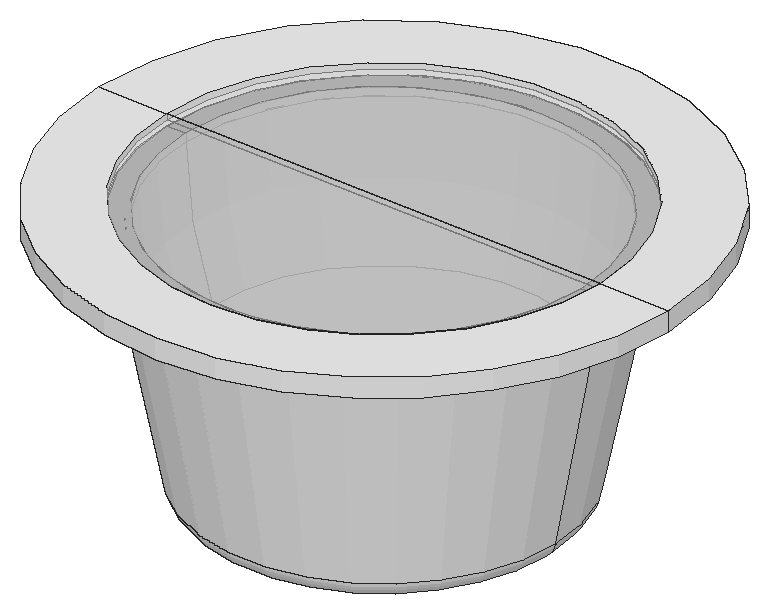
Revit family "2059129+2039013 Sylvania Lighting Fixture ASCT100 ARCH HO 4K SSC01 160 with IP54 PC Cover", category Lighting Fixtures, host Face, Revit 2016
Family settings
  Host = Face
  Part Type = Normal
  Round Connector Dimension = Use Diameter
  OmniClass Number = 23.80.70.11.17
  OmniClass Title = Specialized Lighting by Location or Use
  Cut with Voids When Loaded = No
  Light Source = Yes
  Shared = No
  Room Calculation Point = No
Parameters (values of type "2059129+2039013 ASCT100 ARCH HO 4K SSC01 160 with IP54 PC Cover")
  WidthBezelAcc_SYL = 25.0 mm
  Weight = "1.4 kg"
  Wattage = 17 W
  WarrantyStartDate [instance] = "n/a"
  WarrantyGuarantorParts = "n/a"
  WarrantyDurationUnit = "n/a"
  WarrantyDurationParts = "n/a"
  WarrantyDescription = "n/a"
  built-in parameter 1150110 = 1 (stored number, unit not read)
  Voltage = 0 V
  VisibilityAccessory_SYL = yes
  TypeName = "ASCT100 ARCH HO 4K SSC01 160 with IP54 PC Cover"
  built-in parameter 1114217 = 1 (stored number, unit not read)
  Tilt Angle = -90°
  built-in parameter 1150109 = 1 (stored number, unit not read)
  built-in parameter 1150134 = 12
  built-in parameter 1150113 = 1 (stored number, unit not read)
  SerialNumber [instance] = "n/a"
  ReflectorRadius_SYL = Radius_SYL - 14.5 mm  # 80.0 mm
  RadiusAcc_SYL = 105.0 mm
  Radius_SYL = 94.5 mm
  URL = "http://www.sylvania-lighting.com"
  PowerFactor = 0.96
  PowerConsumption = "17 W"
  Photometric Web File = "2059129.ies"
  NominalWidth = 0.0 mm
  NominalLength = 0.0 mm
  NominalHeight = 94.0 mm
  Name = "ASCT100 ARCH HO 4K SSC01 160 with IP54 PC Cover"
  ModelReference = "ASCT100 ARCH HO 4K SSC01 160 with IP54 PC Cover"
  ModelNumber = "2059129+2039013"
  Material_4_SYL = none
  Material_3_SYL = Polycarbonate_Sylvania_Ascent_Clear
  Material_2_SYL = Aluminium_Sylvania_Ascent_Silver
  Material_1_SYL = Aluminum_Sylvania_Ascent_White
  Material = "aluminium housing, arcylic diffuser"
  ManufacturerName = "Feilo Sylvania"
  LuminousEfficacy = "113 lm/W"
  built-in parameter 1150105 = 152.87 (stored number, unit not read)
  Lumens = 1921 lm
  LuminaireType = ""
  built-in parameter 1150115 = 1 (stored number, unit not read)
  LightOutputRatio = "100"
  built-in parameter 1150137 = (empty or 0)
  built-in parameter 1150139 = (empty or 0)
  LampsType = Lamp  # "LED"
  LampNominalLuminous = "1921 lm"
  LampMacAdamStep = "3"
  LampColourTemperature = "4000 K"
  LampColourRenderingIndex = "80"
  built-in parameter 1150112 = 1 (stored number, unit not read)
  built-in parameter 1150114 = 1 (stored number, unit not read)
  Keynote = "16500"
  InstallationDate [instance] = "n/a"
  InputVoltage = "n/a"
  InputNominalFrequency = "n/a"
  built-in parameter 1150132 = (empty or 0)
  built-in parameter 1150102 = (empty or 0)
  built-in parameter 1150107 = 4000 (stored number, unit not read)
  built-in parameter 1150138 = (empty or 0)
  IngressProtection = "IP54"
  ImpactProtectionIndex = "IK02"
  built-in parameter 1150106 = 1.5287 (stored number, unit not read)
  IfcExportType = "IfcLightFixtureType"
  IfcExportAs = "IfcLightFixtureType"
  Height_SYL = 94.0 mm
  HeightAcc_SYL = 7.0 mm
  ExpectedLife = 50000
  EmittionSurface_SYL = if(VisibilityAccessory_SYL, 7.0 mm, 3.0 mm)  # 7.0 mm
  Emit from Circle Diameter = DiffuserRadius_SYL * 2  # 146.0 mm
  Emit Shape Visible in Rendering = no
  ElectricShockClassification = "Class II"
  built-in parameter 1150104 = 10.498 (stored number, unit not read)
  DurationUnit = "hours"
  DocumentationLiterature = "http://www.sylvania-lighting.com/product/en-int/products/2059129"
  DimmingControlOptions = "n/a"
  Dimming Lamp Color Temperature Shift = <None>
  DiffuserRadius_SYL = ReflectorRadius_SYL - 7.0 mm  # 73.0 mm
  Diameter_SYL = 2 * Radius_SYL  # 189.0 mm
  CutoutDiameter_SYL = Diameter_SYL - 13.0 mm  # 176.0 mm
  CreatedOn = "9/17/2018"
  CreatedBy = "@sylvania-lighting.com"
  Color Filter = 16777215
  built-in parameter 1114216 [instance] = 1 (stored number, unit not read)
  Model = "ASCT100 ARCH HO 4K SSC01 160 with IP54 PC Cover"
  Manufacturer = "Feilo Sylvania"
  Lamp = "LED"
  Description = "Direct LED retro fit for original LED 100 Arch (160) single CFL lamp offering Matching lumen levels and improved light distribution of original LED 100 CFL lamp equivalents Typically half the power consumption compared to CFL Up to 112lm/W 160mm aperture Architectural reflector accepts range of glass accessories from existing LED 100 Arch 160 offering HE, HO and VHO versions equivalent of single 1 x 18W, 1 x 32W, 1 x 42W\r\n Additional VVHO versions which offer the performance circa 2 x 32W equivalent"  # constant formula
  Default Elevation = 0.0 mm
  built-in parameter 1140040 [instance] = 1
  BarCode [instance] = "n/a"
  built-in parameter 1114218 = 1 (stored number, unit not read)
  built-in parameter 1150133 = 10 (stored number, unit not read)
  AssetType = "Fixed"
  AssetIdentifier [instance] = "n/a"
  Assembly Code = "D5020200"
  Apparent Load = 17 VA
  Aperture_SYL = 2 * ReflectorRadius_SYL  # 160.0 mm
Reference planes
  plane 1 "Center (Front/Back)": y = 0
  plane 2: z = 0
  plane 3 "Center (Left/Right)": x = 0
  plane 4 "Fixture Bottom": z = 3
  plane 5: z = -52.5
  plane 6 "Fixture Top": z = -91
  plane 7: x = -105
  plane 8: z = 7
  plane 9: x = -80
  plane 10: z = 5
  plane 11: x = -103
Forms (mm)
  Extrusion 1, solid, material "Aluminum_Sylvania_Ascent_White", detail levels fine
    sketch origin (0, 0, 0) x (1, 0, 0) y (0, 1, 0)
      loop
        circle (0, 0) r 94.5
      loop
        circle (0, 0) r 80
    from 0 to 3
  Extrusion 2, void
    sketch origin (0, 0, 0) x (1, 0, 0) y (0, 1, 0)
      loop
        circle (0, 0) r 88
    from -91 to 3
  Revolve 3, solid, material "Aluminum_Sylvania_Ascent_White" <- "Material_1_SYL", detail levels fine
    sketch origin (0, 0, 0) x (1, 0, 0) y (0, 0, 1)
      loop
        line (0, -91.073) -> (0, -89.023) -> (-55.468, -89.014)
        arc (-55.468, -89.014) -> (-59.352, -87.613) -> (-61.54, -84.139) r 6.307
        line (-61.54, -84.139) -> (-77.991, -2.844) -> (-77.991, 0) -> (-80, 0) -> (-80, -3) -> (-63.5, -84.536)
        arc (-63.5, -84.536) -> (-60.643, -89.203) -> (-55.5, -91.073) r 8.291
        line (-55.5, -91.073) -> (0, -91.073)
      axis (0, 0) -> (0, -91.073)
    angle from 0 to 360
  Revolve 4, solid, material "Aluminium_Sylvania_Ascent_Silver" <- "Material_2_SYL", detail levels fine
    sketch origin (0, 0, 0) x (1, 0, 0) y (0, 0, 1)
      loop
        line (-80, 3) -> (-80, 0) -> (-75, 0)
        arc (-75, 0) -> (-72.349, -26.77) -> (-64.5, -52.5) r 136.5
        line (-64.5, -52.5) -> (-58, -52.5)
        arc (-58, -52.5) -> (-56.857, -61.521) -> (-53.5, -69.971) r 36.166
        line (-53.5, -69.971) -> (0, -69.971) -> (0, -50.5) -> (-63.16, -50.5)
        arc (-63.16, -50.5) -> (-70.517, -25.725) -> (-73, 0) r 134.5
        line (-73, 0) -> (-73, 3) -> (-80, 3)
      axis (0, 3) -> (0, -69.971)
    angle from 0 to 360
  Extrusion 5, solid, material "Polycarbonate_Sylvania_Ascent_Clear" <- "Material_3_SYL", detail levels fine
    sketch origin (0, 0, 0) x (1, 0, 0) y (0, 1, 0)
      loop
        circle (0, 0) r 73
    from 0 to 3
  Revolve 6, solid, material "Aluminum_Sylvania_Ascent_White" <- "Material_1_SYL", detail levels coarse+medium
    sketch origin (0, 0, 0) x (1, 0, 0) y (0, 0, 1)
      loop
        line (0, -91.073) -> (0, 3) -> (-94.5, 3) -> (-94.5, 0) -> (-79.5, 0) -> (-79.5, -3) -> (-63, -84.536)
        arc (-63, -84.536) -> (-60.143, -89.203) -> (-55, -91.073) r 8.291
        line (-55, -91.073) -> (0, -91.073)
      axis (0, 3) -> (0, -91.073)
    angle from 0 to 360
  Revolve 7, solid, material "Aluminum_Sylvania_Ascent_White" <- "Material_1_SYL", visible <- "VisibilityAccessory_SYL"
    sketch origin (0, 0, 0) x (1, 0, 0) y (0, 0, 1)
      loop
        line (-105, 0) -> (-103, 0) -> (-103, 5) -> (-80, 5) -> (-80, 7) -> (-105, 7) -> (-105, 0)
      axis (0, 7) -> (0, 0)
    angle from 0 to 360
  Revolve 8, solid, material "Polycarbonate_Sylvania_Ascent_Clear" <- "Material_3_SYL", visible <- "VisibilityAccessory_SYL"
    sketch origin (0, 0, 0) x (1, 0, 0) y (0, 0, 1)
      loop
        line (-80, 7) -> (-80, 5) -> (0, 5) -> (0, 7) -> (-80, 7)
      axis (0, 7) -> (0, 5)
    angle from 0 to 360
Lines and regions (mm)
  reference lines
    curve 1: line (-150, 0, 7) -> (125, 0, 7)
Dimensions and locks
  locked: plane 4 "Fixture Bottom" to plane 2 at 3
  "Height_SYL": plane 4 "Fixture Bottom" to plane 6 "Fixture Top"
  "ReflectorRadius_SYL": plane 3 "Center (Left/Right)" to Revolve 4 sketch curve
  locked: Revolve 4 sketch curve to Revolve 4 sketch curve at 15.5
  locked: Revolve 4 sketch curve to Revolve 4 sketch curve at 5
  locked: Revolve 4 sketch curve to Revolve 4 sketch curve at 7
  locked: Revolve 4 sketch curve to Revolve 4 sketch curve at 22
  locked: Revolve 4 sketch curve to Revolve 4 sketch curve at 26.5
  locked: Revolve 3 sketch curve to Revolve 3 sketch curve at 16.5
  locked: Revolve 3 sketch curve to Revolve 3 sketch curve at 24.5
  "ReflectorRadius_SYL": Revolve 3 sketch curve to plane 3 "Center (Left/Right)"
  locked: Revolve 3 sketch curve to plane 6 "Fixture Top" at 6.464
  locked: plane 2 to Revolve 3 sketch curve at 3
  locked: Revolve 3 sketch curve to Revolve 3 sketch curve at 2
  locked: Revolve 3 sketch curve to Revolve 3 sketch curve at 2.009
  locked: plane 2 to plane 5 at 52.5
  locked: Revolve 6 sketch curve to Revolve 6 sketch curve at 31.5
  locked: Revolve 6 sketch curve to Revolve 6 sketch curve at 39.5
  locked: Revolve 6 sketch curve to Revolve 6 sketch curve at 15
  "Radius_SYL": plane 3 "Center (Left/Right)" to Revolve 6 sketch curve
  "RadiusAcc_SYL": plane 3 "Center (Left/Right)" to plane 7
  "HeightAcc_SYL": plane 8 to level
  "WidthBezelAcc_SYL": plane 7 to plane 9
  locked: plane 7 to plane 11 at 2
  locked: plane 8 to plane 10 at 2
  "EmittionSurface_SYL": curve 1 to level
  "CutoutDiameter_SYL": diameter of Extrusion 2 sketch curve
  "ReflectorRadius_SYL": radius of Extrusion 1 sketch curve
  "DiffuserRadius_SYL": radius of Extrusion 5 sketch curve
  "Radius_SYL": radius of Extrusion 1 sketch curve
  aligned and locked: host face to plane 2
  aligned and locked: host face to level
  aligned and locked: plane 4 "Fixture Bottom" to Extrusion 1
  aligned and locked: Extrusion 1 to plane 2
  aligned and locked: Revolve 3 sketch curve to plane 3 "Center (Left/Right)"
  aligned and locked: Revolve 4 sketch curve to plane 3 "Center (Left/Right)"  (x2)
  aligned and locked: plane 4 "Fixture Bottom" to Revolve 4 sketch curve
  aligned and locked: Extrusion 5 to plane 2
  aligned and locked: plane 2 to Revolve 3 sketch curve  (x2)
  aligned and locked: Revolve 6 sketch curve to plane 3 "Center (Left/Right)"
  aligned and locked: plane 6 "Fixture Top" to Extrusion 2
  aligned and locked: Revolve 7 sketch curve to plane 3 "Center (Left/Right)"
  aligned and locked: host face to Revolve 7 sketch curve  (x2)
  aligned and locked: Revolve 7 sketch curve to plane 7
  aligned and locked: plane 8 to Revolve 7 sketch curve
  aligned and locked: plane 9 to Revolve 7 sketch curve
  aligned and locked: Revolve 7 sketch curve to plane 10
  aligned and locked: plane 11 to Revolve 7 sketch curve
  aligned and locked: Revolve 7 to Revolve 8 sketch curve
  aligned and locked: Revolve 8 sketch curve to Revolve 7  (x2)
  aligned and locked: Revolve 8 sketch curve to plane 3 "Center (Left/Right)"  (x2)
  aligned and locked: plane 3 "Center (Left/Right)" to imposter light
  aligned and locked: imposter light to plane 1 "Center (Front/Back)"
  aligned and locked: imposter light to curve 1
Automatic sketch dimensions
  plane 1 "Center (Front/Back)" to Extrusion 2 sketch curve = 0.0 mm
  Extrusion 2 sketch curve to plane 3 "Center (Left/Right)" = 0.0 mm
  Extrusion 1 sketch curve to Extrusion 1 sketch curve = 0.0 mm  (x2)
  plane 1 "Center (Front/Back)" to Extrusion 1 sketch curve = 0.0 mm
  Extrusion 1 sketch curve to plane 3 "Center (Left/Right)" = 0.0 mm
  plane 6 "Fixture Top" to Revolve 3 sketch curve = 0.073 mm
  Revolve 3 sketch curve to plane 6 "Fixture Top" = 6.861 mm
  Revolve 3 sketch curve to Revolve 3 sketch curve = 0.003 mm
  Revolve 3 sketch curve to Revolve 3 sketch curve = 0.009 mm  (x2)
  Revolve 3 sketch curve to Revolve 3 sketch curve = 0.023 mm
  Revolve 3 sketch curve to Revolve 3 sketch curve = 0.072 mm
  Revolve 3 sketch curve to Revolve 3 sketch curve = 0.008 mm
  Revolve 3 sketch curve to plane 6 "Fixture Top" = 1.977 mm
  Revolve 3 sketch curve to Revolve 3 sketch curve = 33.496 mm
  Revolve 3 sketch curve to Revolve 3 sketch curve = 0.028 mm
  plane 4 "Fixture Bottom" to Revolve 3 sketch curve = 82.431 mm
  Revolve 4 sketch curve to Revolve 4 sketch curve = 0.0 mm  (x2)
  Revolve 4 sketch curve to plane 5 = 0.0 mm
  Revolve 4 sketch curve to level = 0.0 mm
  plane 5 to Revolve 4 sketch curve = 2.0 mm
  plane 4 "Fixture Bottom" to Revolve 4 sketch curve = 9.642 mm
  plane 1 "Center (Front/Back)" to Extrusion 5 sketch curve = 0.0 mm
  Extrusion 5 sketch curve to plane 3 "Center (Left/Right)" = 0.0 mm
  Revolve 4 sketch curve to level = 69.971 mm
  Revolve 4 sketch curve to Revolve 4 sketch curve = 2.387 mm
  Revolve 6 sketch curve to level = 0.0 mm
  Revolve 6 sketch curve to plane 3 "Center (Left/Right)" = 0.0 mm
  Revolve 6 sketch curve to Revolve 6 sketch curve = 8.104 mm
  Revolve 6 sketch curve to level = 3.0 mm
  Revolve 6 sketch curve to plane 6 "Fixture Top" = 6.464 mm
  plane 6 "Fixture Top" to Revolve 6 sketch curve = 0.073 mm
  Revolve 6 sketch curve to Revolve 6 sketch curve = 33.496 mm
  plane 4 "Fixture Bottom" to Revolve 6 sketch curve = 82.431 mm
  host sketch curve to host sketch curve = 1704.996 mm
  host sketch curve to host sketch curve = 1500.0 mm
  plane 6 "Fixture Top" to Revolve 7 sketch curve = 281.274 mm
  Revolve 7 sketch curve to plane 8 = 1140.706 mm
  plane 6 "Fixture Top" to Revolve 8 sketch curve = 281.274 mm
  Revolve 8 sketch curve to Revolve 8 sketch curve = 1140.706 mm
  Revolve 3 sketch curve to plane 3 "Center (Left/Right)" = 0.0 mm
  Revolve 6 sketch curve to plane 4 "Fixture Bottom" = 0.0 mm
  plane 7 to curve 1 = 45.0 mm
  plane 3 "Center (Left/Right)" to curve 1 = 125.0 mm
Connectors
  electrical at (0, 0, -91.073), driven by "Apparent Load"
    settings: on Revolve 3, index 1, voltage 240 V, apparent load 0 VA, apparent load phase1 17 VA, apparent load phase2 0 VA, apparent load phase3 0 VA, power factor 1, load classification "Lighting", number of poles 1, system type 31, power factor state 1, is connector primary yes, connector utility no, sub classification motor no, connector description ""
